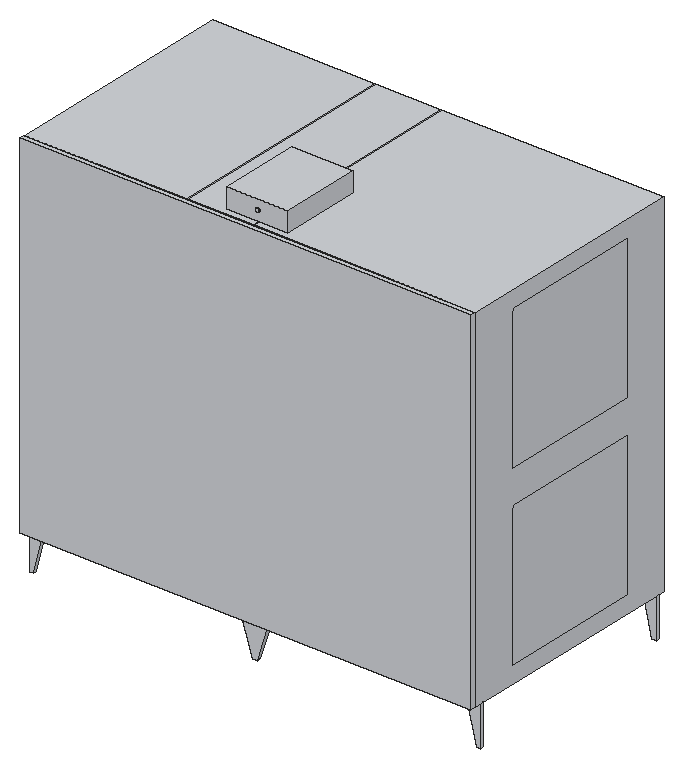
Revit family "AHU 3 _3", category Mechanické zařízení, Revit 2018
Family settings
  Kóta kulaté spojky = Použít průměr
  Typ dílu = Normální
  Číslo OmniClass = 23.75.00.00
  Nadpis OmniClass = Climate Control (HVAC)
  Založené na pracovní rovině = Ne
  Vždy vertikální = Ano
  Ořezat dutým tvarem při načtení = Ne
  Sdílené = Ne
  Bod výpočtu místnosti = Ne
Parameters (values of type "DUPLEXVENT 4000 Rotary")
  Width [instance] = 1.2 mm
  Weight [instance] = 573.00 kg
  URL = ""
  Type [instance] = "DUPLEXVENT 4000 Rotary"
  Total_SFP [instance] = 0
  Supply_outlet_hum [instance] = 90
  Supply_inlet_hum [instance] = 90
  Supply_ext_pressure [instance] = 0.0 Pa
  Supply_SFP [instance] = 0
  Source_adu_file [instance] = ""
  Recuperation_type [instance] = "Rotation regeneration exchanger"
  Recuperation_efficiency_EN308 [instance] = 0
  Project_name [instance] = ""
  Project_date [instance] = "10.8.2023"
  Power_supply_fusing [instance] = "0"
  Power_supply_cable [instance] = "0"
  Position [instance] = "AHU 3 "
  Phases_count [instance] = 3
  Panel_thickness [instance] = 0.06 mm
  Outer_surface [instance] = "RAL 9002"
  Length [instance] = 2.25 mm
  Insulation_type [instance] = "PUR"
  Insulation_thickness [instance] = 0.05 mm
  Installation_environment [instance] = ""
  Input_power_max [instance] = 5000 W
  Inner_surface [instance] = "Pozink"
  I2 [instance] = I1  # 0.0 L/s
  Height [instance] = 1.76 mm
  Exhaust_outlet_hum [instance] = 40
  Exhaust_inlet_hum [instance] = 40
  Exhaust_ext_pressure [instance] = 0.0 Pa
  Exhaust_SFP [instance] = 0
  E1 [instance] = E2 - M1  # 0.0 L/s
  E2 [instance] = 0.0 L/s
  I1 [instance] = 0.0 L/s
  Description = ""
  M1 [instance] = 0.0 L/s
  Device_dutypoint_version [instance] = "0"
  Device_design_version [instance] = "9"
  Device_adu_id [instance] = "3"
  Current_max [instance] = 8 A
  Casing_mat [instance] = "painted zinc layer"
  Cable type [instance] = "CYKY 5Jx2,5"
Reference planes
  plane 1 "Střed (vpředu/vzadu)": y = 0
  plane 2 "ref": z = 0
  plane 3 "Střed (vlevo/vpravo)": x = 0
Forms (mm)
  Sweep 1, solid
    path origin (0, 0, 0) x (0, 0, 1) y (1, 0, 0)
      loop
        line (0, 0) -> (1760, 0)
    profile origin (0, 0, 0) x (1, 0, 0) y (0, 1, 0)
      loop
        line (0, 0) -> (810, 0) -> (810, 1170) -> (0, 1170) -> (0, 0)
  Sweep 2, solid
    path origin (0, 0, 0) x (0, 0, 1) y (1, 0, 0)
      loop
        line (0, 0) -> (1760, 0)
    profile origin (0, 0, 0) x (1, 0, 0) y (0, 1, 0)
      loop
        line (810, 0) -> (1140, 0) -> (1140, 1170) -> (810, 1170) -> (810, 0)
  Sweep 3, solid
    path origin (0, 0, 0) x (0, 0, 1) y (1, 0, 0)
      loop
        line (0, 0) -> (1760, 0)
    profile origin (0, 0, 0) x (1, 0, 0) y (0, 1, 0)
      loop
        line (1140, 0) -> (2250, 0) -> (2250, 1170) -> (1140, 1170) -> (1140, 0)
  Sweep 4, solid
    path origin (1, 585, 1320) x (0, 1, 0) y (-1, 0, 0)
      loop
        line (0, 0) -> (0, 1)
    profile origin (1, 585, 1320) x (0, -1, 0) y (0, 0, 1)
      loop
        line (-355, -355) -> (355, -355) -> (355, 355) -> (-355, 355) -> (-355, -355)
  Sweep 5, solid
    path origin (2249, 585, 1320) x (1, 0, 0) y (0, 1, 0)
      loop
        line (0, 0) -> (1, 0)
    profile origin (2249, 585, 1320) x (0, 1, 0) y (0, 0, 1)
      loop
        line (-355, 355) -> (-355, -355) -> (355, -355) -> (355, 355) -> (-355, 355)
  Sweep 6, solid
    path origin (2249, 585, 440) x (1, 0, 0) y (0, 1, 0)
      loop
        line (0, 0) -> (1, 0)
    profile origin (2249, 585, 440) x (0, 1, 0) y (0, 0, 1)
      loop
        line (-355, 355) -> (-355, -355) -> (355, -355) -> (355, 355) -> (-355, 355)
  Sweep 7, solid
    path origin (1, 585, 440) x (0, 1, 0) y (-1, 0, 0)
      loop
        line (0, 0) -> (0, 1)
    profile origin (1, 585, 440) x (0, -1, 0) y (0, 0, 1)
      loop
        line (-355, -355) -> (355, -355) -> (355, 355) -> (-355, 355) -> (-355, -355)
  Sweep 8, solid
    path origin (0, 0, 0) x (0, 0, 1) y (1, 0, 0)
      loop
        line (0, 0) -> (1760, 0)
    profile origin (0, 0, 0) x (1, 0, 0) y (0, 1, 0)
      loop
        line (0, -30) -> (2250, -30) -> (2250, -5) -> (0, -5) -> (0, -30)
  Sweep 9, solid
    path origin (11, 45, 0) x (1, 0, 0) y (0, 1, 0)
      loop
        line (0, 0) -> (0, -15)
    profile origin (11, 45, 0) x (1, 0, 0) y (0, 0, 1)
      loop
        line (-11, 0) -> (-11, -200) -> (11, -200) -> (60, 0) -> (-11, 0)
  Sweep 10, solid
    path origin (1125, 45, 0) x (1, 0, 0) y (0, 1, 0)
      loop
        line (0, 0) -> (0, -15)
    profile origin (1125, 45, 0) x (1, 0, 0) y (0, 0, 1)
      loop
        line (-75, 0) -> (-11, -200) -> (11, -200) -> (75, 0) -> (-75, 0)
  Sweep 11, solid
    path origin (2239, 45, 0) x (1, 0, 0) y (0, 1, 0)
      loop
        line (0, 0) -> (0, -15)
    profile origin (2239, 45, 0) x (1, 0, 0) y (0, 0, 1)
      loop
        line (-60, 0) -> (-11, -200) -> (11, -200) -> (11, 0) -> (-60, 0)
  Sweep 12, solid
    path origin (11, 1140, 0) x (1, 0, 0) y (0, 1, 0)
      loop
        line (0, 0) -> (0, -15)
    profile origin (11, 1140, 0) x (1, 0, 0) y (0, 0, 1)
      loop
        line (-11, 0) -> (-11, -200) -> (11, -200) -> (60, 0) -> (-11, 0)
  Sweep 13, solid
    path origin (1125, 1140, 0) x (1, 0, 0) y (0, 1, 0)
      loop
        line (0, 0) -> (0, -15)
    profile origin (1125, 1140, 0) x (1, 0, 0) y (0, 0, 1)
      loop
        line (-75, 0) -> (-11, -200) -> (11, -200) -> (75, 0) -> (-75, 0)
  Sweep 14, solid
    path origin (2239, 1140, 0) x (1, 0, 0) y (0, 1, 0)
      loop
        line (0, 0) -> (0, -15)
    profile origin (2239, 1140, 0) x (1, 0, 0) y (0, 0, 1)
      loop
        line (-60, 0) -> (-11, -200) -> (11, -200) -> (11, 0) -> (-60, 0)
  Sweep 15, solid
    path origin (0, 0, 1760) x (0, 0, 1) y (1, 0, 0)
      loop
        line (0, 0) -> (100, 0)
    profile origin (0, 0, 1760) x (1, 0, 0) y (0, 1, 0)
      loop
        line (980, 35) -> (1285, 35) -> (1285, 440) -> (980, 440) -> (980, 35)
  Sweep 16, solid
    path origin (1133, 35, 1810) x (0, 1, 0) y (-1, 0, 0)
      loop
        line (0, 0) -> (-1, 0)
    profile origin (1133, 35, 1810) x (1, 0, 0) y (0, 0, 1)
      loop
        circle (0, 0) r 10
Lines and regions (mm)
  model lines, style "Symbol"
    curve 1: line (975, -30, 0) -> (975, -30, 352)
    curve 2: line (975, -30, 1760) -> (975, -30, 1408)
    curve 3: line (810, -30, 880) -> (1140, -30, 880)
    curve 4: line (0, -30, 880) -> (810, -30, 880)
    curve 5: line (2250, -30, 880) -> (1140, -30, 880)
    curve 6: line (843, -30, 88) -> (843, -30, 1672)
    curve 7: line (843, -30, 1672) -> (1107, -30, 1672)
    curve 8: line (1107, -30, 1672) -> (1107, -30, 88)
    curve 9: line (1107, -30, 88) -> (843, -30, 88)
    curve 10: line (843, -30, 880) -> (1107, -30, 880)
    curve 11: line (1077, -30, 716) -> (1066, -30, 563)
    curve 12: line (1066, -30, 563) -> (1050, -30, 432)
    curve 13: line (1050, -30, 432) -> (1028, -30, 331)
    curve 14: line (1028, -30, 331) -> (1002, -30, 268)
    curve 15: line (1002, -30, 268) -> (975, -30, 246)
    curve 16: line (975, -30, 246) -> (948, -30, 268)
    curve 17: line (948, -30, 268) -> (922, -30, 331)
    curve 18: line (922, -30, 331) -> (900, -30, 432)
    curve 19: line (900, -30, 432) -> (884, -30, 563)
    curve 20: line (884, -30, 563) -> (873, -30, 716)
    curve 21: line (873, -30, 716) -> (869, -30, 880)
    curve 22: line (869, -30, 880) -> (873, -30, 1044)
    curve 23: line (873, -30, 1044) -> (884, -30, 1197)
    curve 24: line (884, -30, 1197) -> (900, -30, 1328)
    curve 25: line (900, -30, 1328) -> (922, -30, 1429)
    curve 26: line (922, -30, 1429) -> (948, -30, 1492)
    curve 27: line (948, -30, 1492) -> (975, -30, 1514)
    curve 28: line (975, -30, 1514) -> (1002, -30, 1492)
    curve 29: line (1002, -30, 1492) -> (1028, -30, 1429)
    curve 30: line (1028, -30, 1429) -> (1050, -30, 1328)
    curve 31: line (1050, -30, 1328) -> (1066, -30, 1197)
    curve 32: line (1066, -30, 1197) -> (1077, -30, 1044)
    curve 33: line (1077, -30, 1044) -> (1040, -30, 1218)
    curve 34: line (1077, -30, 1044) -> (1082, -30, 1234)
    curve 35: line (1863, -30, 1445) -> (2144, -30, 1397)
    curve 36: line (1863, -30, 1195) -> (2144, -30, 1243)
    curve 37: line (387, -30, 315) -> (106, -30, 363)
    curve 38: line (387, -30, 565) -> (106, -30, 517)
    curve 39: line (270, -30, 1056) -> (270, -30, 1584)
    curve 40: line (270, -30, 1584) -> (405, -30, 1584)
    curve 41: line (405, -30, 1584) -> (405, -30, 1056)
    curve 42: line (405, -30, 1056) -> (270, -30, 1056)
    curve 43: line (338, -30, 1056) -> (405, -30, 1320)
    curve 44: line (338, -30, 1584) -> (405, -30, 1320)
    curve 45: line (1980, -30, 704) -> (1980, -30, 176)
    curve 46: line (1980, -30, 176) -> (1845, -30, 176)
    curve 47: line (1845, -30, 176) -> (1845, -30, 704)
    curve 48: line (1845, -30, 704) -> (1980, -30, 704)
    curve 49: line (1913, -30, 704) -> (1845, -30, 440)
    curve 50: line (1913, -30, 176) -> (1845, -30, 440)
    curve 51: line (0, -1200, 0) -> (0, 0, 0)
    curve 52: line (2250, -1200, 0) -> (2250, 0, 0)
    curve 53: line (0, -1200, 0) -> (2250, -1200, 0)
    curve 54: line (0, -1200, 1760) -> (0, 0, 1760)
    curve 55: line (2250, -1200, 1760) -> (2250, 0, 1760)
    curve 56: line (0, -1200, 1760) -> (2250, -1200, 1760)
    curve 57: line (0, -1200, 0) -> (0, -1200, 1760)
    curve 58: line (2250, -1200, 0) -> (2250, -1200, 1760)
    curve 59: line (0, -1200, 1560) -> (200, -1200, 1760)
    curve 60: line (0, -1200, 1360) -> (400, -1200, 1760)
    curve 61: line (0, -1200, 1160) -> (600, -1200, 1760)
    curve 62: line (0, -1200, 960) -> (800, -1200, 1760)
    curve 63: line (0, -1200, 760) -> (1000, -1200, 1760)
    curve 64: line (0, -1200, 560) -> (1200, -1200, 1760)
    curve 65: line (0, -1200, 360) -> (1400, -1200, 1760)
    curve 66: line (0, -1200, 160) -> (1600, -1200, 1760)
    curve 67: line (40, -1200, 0) -> (1800, -1200, 1760)
    curve 68: line (240, -1200, 0) -> (2000, -1200, 1760)
    curve 69: line (440, -1200, 0) -> (2200, -1200, 1760)
    curve 70: line (640, -1200, 0) -> (2250, -1200, 1610)
    curve 71: line (840, -1200, 0) -> (2250, -1200, 1410)
    curve 72: line (1040, -1200, 0) -> (2250, -1200, 1210)
    curve 73: line (1240, -1200, 0) -> (2250, -1200, 1010)
    curve 74: line (1440, -1200, 0) -> (2250, -1200, 810)
    curve 75: line (1640, -1200, 0) -> (2250, -1200, 610)
    curve 76: line (1840, -1200, 0) -> (2250, -1200, 410)
    curve 77: line (2040, -1200, 0) -> (2250, -1200, 210)
    curve 78: line (2240, -1200, 0) -> (2250, -1200, 10)
    curve 79: line (2250, -1200, 1560) -> (2250, -1000, 1760)
    curve 80: line (2250, -1200, 1360) -> (2250, -800, 1760)
    curve 81: line (2250, -1200, 1160) -> (2250, -600, 1760)
    curve 82: line (2250, -1200, 960) -> (2250, -400, 1760)
    curve 83: line (2250, -1200, 760) -> (2250, -200, 1760)
    curve 84: line (2250, -1200, 560) -> (2250, 0, 1760)
    curve 85: line (2250, -1200, 360) -> (2250, 0, 1560)
    curve 86: line (2250, -1200, 160) -> (2250, 0, 1360)
    curve 87: line (2250, -1160, 0) -> (2250, 0, 1160)
    curve 88: line (2250, -960, 0) -> (2250, 0, 960)
    curve 89: line (2250, -760, 0) -> (2250, 0, 760)
    curve 90: line (2250, -560, 0) -> (2250, 0, 560)
    curve 91: line (2250, -360, 0) -> (2250, 0, 360)
    curve 92: line (2250, -160, 0) -> (2250, 0, 160)
    curve 93: line (0, -1000, 1760) -> (200, -1200, 1760)
    curve 94: line (0, -800, 1760) -> (400, -1200, 1760)
    curve 95: line (0, -600, 1760) -> (600, -1200, 1760)
    curve 96: line (0, -400, 1760) -> (800, -1200, 1760)
    curve 97: line (0, -200, 1760) -> (1000, -1200, 1760)
    curve 98: line (0, 0, 1760) -> (1200, -1200, 1760)
    curve 99: line (200, 0, 1760) -> (1400, -1200, 1760)
    curve 100: line (400, 0, 1760) -> (1600, -1200, 1760)
    curve 101: line (600, 0, 1760) -> (1800, -1200, 1760)
    curve 102: line (800, 0, 1760) -> (2000, -1200, 1760)
    curve 103: line (1000, 0, 1760) -> (2200, -1200, 1760)
    curve 104: line (1200, 0, 1760) -> (2250, -1050, 1760)
    curve 105: line (1400, 0, 1760) -> (2250, -850, 1760)
    curve 106: line (1600, 0, 1760) -> (2250, -650, 1760)
    curve 107: line (1800, 0, 1760) -> (2250, -450, 1760)
    curve 108: line (2000, 0, 1760) -> (2250, -250, 1760)
    curve 109: line (2200, 0, 1760) -> (2250, -50, 1760)
    curve 110: line (0, 0, 2500) -> (0, 0, 1760)
    curve 111: line (2250, 0, 2500) -> (2250, 0, 1760)
    curve 112: line (0, 0, 2500) -> (2250, 0, 2500)
    curve 113: line (0, 1170, 2500) -> (0, 1170, 1760)
    curve 114: line (2250, 1170, 2500) -> (2250, 1170, 1760)
    curve 115: line (0, 1170, 2500) -> (2250, 1170, 2500)
    curve 116: line (0, 0, 2500) -> (0, 1170, 2500)
    curve 117: line (2250, 0, 2500) -> (2250, 1170, 2500)
    curve 118: line (0, 970, 2500) -> (200, 1170, 2500)
    curve 119: line (0, 770, 2500) -> (400, 1170, 2500)
    curve 120: line (0, 570, 2500) -> (600, 1170, 2500)
    curve 121: line (0, 370, 2500) -> (800, 1170, 2500)
    curve 122: line (0, 170, 2500) -> (1000, 1170, 2500)
    curve 123: line (30, 0, 2500) -> (1200, 1170, 2500)
    curve 124: line (230, 0, 2500) -> (1400, 1170, 2500)
    curve 125: line (430, 0, 2500) -> (1600, 1170, 2500)
    curve 126: line (630, 0, 2500) -> (1800, 1170, 2500)
    curve 127: line (830, 0, 2500) -> (2000, 1170, 2500)
    curve 128: line (1030, 0, 2500) -> (2200, 1170, 2500)
    curve 129: line (1230, 0, 2500) -> (2250, 1020, 2500)
    curve 130: line (1430, 0, 2500) -> (2250, 820, 2500)
    curve 131: line (1630, 0, 2500) -> (2250, 620, 2500)
    curve 132: line (1830, 0, 2500) -> (2250, 420, 2500)
    curve 133: line (2030, 0, 2500) -> (2250, 220, 2500)
    curve 134: line (2230, 0, 2500) -> (2250, 20, 2500)
    curve 135: line (2250, 970, 2500) -> (2250, 1170, 2300)
    curve 136: line (2250, 770, 2500) -> (2250, 1170, 2100)
    curve 137: line (2250, 570, 2500) -> (2250, 1170, 1900)
    curve 138: line (2250, 370, 2500) -> (2250, 1110, 1760)
    curve 139: line (2250, 170, 2500) -> (2250, 910, 1760)
    curve 140: line (2250, 0, 2470) -> (2250, 710, 1760)
    curve 141: line (2250, 0, 2270) -> (2250, 510, 1760)
    curve 142: line (2250, 0, 2070) -> (2250, 310, 1760)
    curve 143: line (2250, 0, 1870) -> (2250, 110, 1760)
    curve 144: line (0, 1170, 2300) -> (200, 1170, 2500)
    curve 145: line (0, 1170, 2100) -> (400, 1170, 2500)
    curve 146: line (0, 1170, 1900) -> (600, 1170, 2500)
    curve 147: line (60, 1170, 1760) -> (800, 1170, 2500)
    curve 148: line (260, 1170, 1760) -> (1000, 1170, 2500)
    curve 149: line (460, 1170, 1760) -> (1200, 1170, 2500)
    curve 150: line (660, 1170, 1760) -> (1400, 1170, 2500)
    curve 151: line (860, 1170, 1760) -> (1600, 1170, 2500)
    curve 152: line (1060, 1170, 1760) -> (1800, 1170, 2500)
    curve 153: line (1260, 1170, 1760) -> (2000, 1170, 2500)
    curve 154: line (1460, 1170, 1760) -> (2200, 1170, 2500)
    curve 155: line (1660, 1170, 1760) -> (2250, 1170, 2350)
    curve 156: line (1860, 1170, 1760) -> (2250, 1170, 2150)
    curve 157: line (2060, 1170, 1760) -> (2250, 1170, 1950)
    curve 158: line (0, -30, 0) -> (0, -30, 1760)
    curve 159: line (0, -30, 1760) -> (1123, -30, 1760)
    curve 160: line (1123, -30, 1760) -> (1123, -30, 0)
    curve 161: line (1123, -30, 0) -> (0, -30, 0)
    curve 162: line (1127, -30, 0) -> (1127, -30, 1760)
    curve 163: line (1127, -30, 1760) -> (2250, -30, 1760)
    curve 164: line (2250, -30, 1760) -> (2250, -30, 0)
    curve 165: line (2250, -30, 0) -> (1127, -30, 0)
    curve 166: line (0, -30, 0) -> (2250, -30, 0)
    curve 167: line (0, -30, 1760) -> (2250, -30, 1760)
    curve 168: line (0, -30, 0) -> (0, -30, 1760)
    curve 169: line (2250, -30, 0) -> (2250, -30, 1760)
    curve 170: line (0, -30, 0) -> (0, -5, 0)
    curve 171: line (2250, -30, 0) -> (2250, -5, 0)
    curve 172: line (0, -30, 1760) -> (0, -5, 1760)
    curve 173: line (2250, -30, 1760) -> (2250, -5, 1760)
    curve 174: circle (1986, -30, 1320) r 176 normal (0, -1, 0)
    curve 175: circle (264, -30, 440) r 176 normal (0, -1, 0)
Dimensions and locks
  aligned and locked: level to plane 2 "ref"
Connectors
  hvac at (0, 585, 1320), driven by "E1"
    settings: on Sweep 4, index 1, duct flow 0.0 L/s, flow factor 0, pres drop 0.0 Pa, loss coef 0, conn angle 0.00°, conn width 710 mm, conn height 710 mm, conn diameter 609.6 mm, duct sys type 1, conn prof type 1, flow config 1, flow direction 1, loss method 0, conn ref index -1, conn util no, is conn primary yes, conn desc ""
  hvac at (2250, 585, 1320), driven by "E2"
    settings: on Sweep 5, index 2, duct flow 0.0 L/s, flow factor 1, pres drop 0.0 Pa, loss coef 0, conn angle 0.00°, conn width 710 mm, conn height 710 mm, conn diameter 609.6 mm, duct sys type 1, conn prof type 1, flow config 2, flow direction 2, loss method 0, conn ref index -1, conn util no, is conn primary no, conn desc ""
  hvac at (2250, 585, 440), driven by "I1"
    settings: on Sweep 6, index 3, duct flow 0.0 L/s, flow factor 1, pres drop 0.0 Pa, loss coef 0, conn angle 0.00°, conn width 710 mm, conn height 710 mm, conn diameter 609.6 mm, duct sys type 3, conn prof type 1, flow config 2, flow direction 1, loss method 0, conn ref index -1, conn util no, is conn primary no, conn desc ""
  hvac at (0, 585, 440), driven by "I2"
    settings: on Sweep 7, index 4, duct flow 0.0 L/s, flow factor 0, pres drop 0.0 Pa, loss coef 0, conn angle 0.00°, conn width 710 mm, conn height 710 mm, conn diameter 609.6 mm, duct sys type 3, conn prof type 1, flow config 1, flow direction 2, loss method 0, conn ref index -1, conn util no, is conn primary no, conn desc ""
  electrical at (1133, 34, 1810)
    settings: on Sweep 16, index 5, voltage 400 V, apparent load 0 VA, apparent load phase1 0 VA, apparent load phase2 0 VA, apparent load phase3 0 VA, power factor 1, load classification "Další", number of poles 3, system type 31, power factor state 1, is connector primary yes, connector utility no, sub classification motor no, connector description ""
